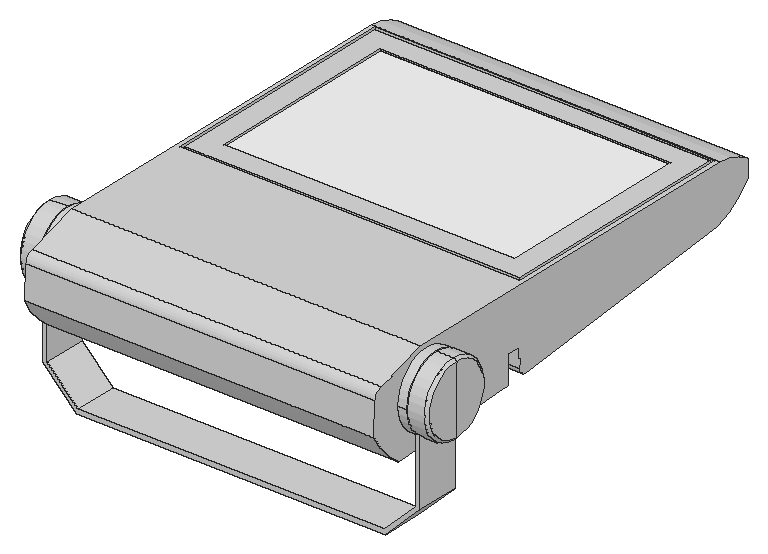
Revit family "0049106 Feilo Sylvania Lighting Fixture SYLVEO LED 8000LM NAR 4K", category Lighting Fixtures, host Face, Revit 2017
Family settings
  Host = Face
  Round Connector Dimension = Use Diameter
  Part Type = Normal
  Cut with Voids When Loaded = No
  Light Source = No
  Shared = No
  Room Calculation Point = No
Parameters (values of type "0049106 SYLVEO LED 8000LM NAR 4K")
  Weight = "9.01 kg"
  Wattage Comments = "n/a"
  WarrantyStartDate [instance] = "n/a"
  WarrantyGuarantorParts = "n/a"
  WarrantyDurationUnit = "n/a"
  WarrantyDurationParts = "n/a"
  WarrantyDescription = "n/a"
  Voltage = 230 V
  URL = "http://www.sylvania-lighting.com"
  TypeName = "SYLVEO LED 8000LM NAR 4K"
  TypeBody_FEILO = Sylveo Medium Body : 0049106 SYLVEO LED 8000LM NAR 4K
  Type Image = <None>
  Type Comments = "n/a"
  TotalWidth = 290 mm
  TiltAngle [instance] = 0.00°
  StartAngle [instance] = -TiltAngle  # 0.00°
  SerialNumber [instance] = "n/a"
  PowerFactor = 0
  PowerConsumption = "80.1 W"
  NominalWidth = 0 mm
  NominalLength = 290 mm
  NominalHeight = 333 mm
  Name = "SYLVEO LED 8000LM NAR 4K"
  ModelReference = "SYLVEO LED 8000LM NAR 4K"
  ModelNumber = "0049106"
  Model = "SYLVEO LED 8000LM NAR 4K"
  Material_4_FEILO = none
  Material_3_FEILO = none
  Material_2_FEILO = Diffuser-Sylvania-Sylveo-Glow
  Material_1_FEILO = Body-Sylvania-Sylveo-Aluminium
  Material = "aluminium housing, glass diffuser"
  ManufacturerName = "Feilo Sylvania"
  Manufacturer = "Feilo Sylvania"
  LuminousEfficacy = "106.8 lm/W"
  LuminaireType = ""
  LightOutputRatio = "100"
  LampsType = Lamp  # "LED"
  LampNominalLuminous = "8555 lm"
  LampMacAdamStep = "6"
  LampColourTemperature = "4000 K"
  LampColourRenderingIndex = "70"
  Lamp = "LED"
  Keynote = "16500"
  InstallationDate [instance] = "n/a"
  InputVoltage = "100-240V~"
  InputNominalFrequency = "50 Hz"
  IngressProtection = "IP66"
  ImpactProtectionIndex = "IK08"
  IfcExportType = "IfcLightFixtureType"
  IfcExportAs = "IfcLightFixtureType"
  HingeHeight = 90 mm
  HingeDia = 52 mm
  ExpectedLife = 50000
  EndAngle [instance] = StartAngle + 180.00°  # 180.00°
  ElectricShockClassification = "Class I"
  DurationUnit = "hours"
  DocumentationLiterature = "http://www.sylvania-lighting.com/product/en-int/products/0049106"
  DimmingControlOptions = "Non dimmable"
  Description = "Exterior LED Floodlight, comes complete with a 1000mm cable and adjustable bracket, aluminium housing, clear glass diffuser, IP66, IK08, Class I, 4000K, Non-dimming, 8555lm, 80W, 107lm/W, 2400mA, CRI70, 30° beam angle, 50000hrs, (LxWxD) 66x290x333mm"
  Default Elevation = 1219.2 mm
  CreatedOn = "12/18/2017"
  CreatedBy = ""
  Cost = 0
  built-in parameter 1114216 [instance] = (empty or 0)
  ClassificationValue = "EF_70_80"
  ClassificationName = "Uniclass2015"
  Calculate Coefficient of Utilization = no
  BracketWidth = 37 mm
  BracketThickness = 3 mm
  BracketInnerWidth = 261.3 mm
  BracketFold = 25 mm
  BracketExtrusionStart = -BracketWidth / 2  # -18.5 mm
  BracketExtrusionEnd = BracketWidth / 2  # 18.5 mm
  BarCode [instance] = "n/a"
  AssetType = "Fixed"
  AssetIdentifier [instance] = "n/a"
  Assembly Code = "D5020200"
  Apparent Load = 80.1 VA
Reference planes
  plane 1 "Center (Front/Back)": y = 0
  plane 2: z = 0
  plane 3 "Center (Left/Right)": x = 0
  plane 4: x = 130.65
  plane 5: x = -130.65
  plane 6: z = 90
  plane 7: x = 145
  plane 8: x = -145
  plane 9: z = 116
  plane 10: z = 64
  plane 11: x = 143
  plane 12: x = -143
  plane 13: x = 133.65
  plane 14: x = -133.65
  plane 15: z = 3
  plane 16: z = 25
  plane 17: x = 108.65
  plane 18: x = -108.65
  plane 19: z = 66
Forms (mm)
  Extrusion 1, solid, material "Body-Sylvania-Sylveo-Aluminium" <- "Material_1_FEILO"
    sketch origin (0, 0, 0) x (1, 0, 0) y (0, 0, 1)
      loop
        line (0, 3) -> (0, 0) -> (109.478, 0) -> (133.65, 24.172) -> (133.65, 90) -> (130.65, 90) -> (130.65, 25) -> (108.65, 3) -> (0, 3)
    from -12.5 to 18.5 <- "BracketExtrusionEnd"
  Extrusion 2, solid, material "Body-Sylvania-Sylveo-Aluminium" <- "Material_1_FEILO"
    sketch origin (0, 0, 0) x (-1, 0, 0) y (0, 0, -1)
      loop
        line (0, -3) -> (108.65, -3) -> (130.65, -25) -> (130.65, -90) -> (133.65, -90) -> (133.65, -24.172) -> (109.478, 0) -> (0, 0) -> (0, -3)
    from -12.5 to 18.5 <- "BracketExtrusionEnd"
  Revolve 3, solid, material "Body-Sylvania-Sylveo-Aluminium" <- "Material_1_FEILO"
    sketch origin (0, 0, 0) x (1, 0, 0) y (0, 0, 1)
      loop
        line (-130.65, 90) -> (-145, 90) -> (-145, 66) -> (-143, 64) -> (-130.65, 64) -> (-130.65, 90)
      axis (-130.65, 90) -> (-145, 90)
    angle from 0 to 360
  Revolve 4, solid, material "Body-Sylvania-Sylveo-Aluminium" <- "Material_1_FEILO"
    sketch origin (0, 0, 0) x (-1, 0, 0) y (0, 0, 1)
      loop
        line (-130.65, 90) -> (-145, 90) -> (-145, 66) -> (-143, 64) -> (-130.65, 64) -> (-130.65, 90)
      axis (-130.65, 90) -> (-145, 90)
    angle from 0 to 360
  Revolve 5, solid, not visible
    sketch origin (181.107, 0, 90) x (1, 0, 0) y (0, 1, 0)
      loop
        line (-191.101, 0) -> (-171.112, 0) -> (-171.112, 10) -> (-191.101, 10) -> (-191.101, 0)
      axis (-171.112, 0) -> (-191.101, 0)
    angle from 0 <- "StartAngle" to 180 <- "EndAngle"
Cuts and joins
  joined: Extrusion 1, Extrusion 2, Revolve 3, Revolve 4
Dimensions and locks
  equal spacing: plane 5, plane 3 "Center (Left/Right)", plane 4
  "BracketInnerWidth": plane 5 to plane 4
  equal spacing: plane 7, plane 3 "Center (Left/Right)", plane 8
  "TotalWidth": plane 7 to plane 8
  "HingeHeight": plane 2 to plane 6
  equal spacing: plane 10, plane 6, plane 9
  "HingeDia": plane 10 to plane 9
  equal spacing: plane 11, plane 3 "Center (Left/Right)", plane 12
  equal spacing: plane 13, plane 3 "Center (Left/Right)", plane 14
  "BracketFold": plane 2 to plane 16
  "BracketThickness": plane 2 to plane 15
  equal spacing: plane 17, plane 3 "Center (Left/Right)", plane 18
  locked: plane 19 to plane 10 at 2
  locked: Revolve 5 sketch curve to Revolve 5 sketch curve at 10
  equal spacing: Revolve 5 sketch curve, plane 3 "Center (Left/Right)", Revolve 5 sketch curve
  locked: Revolve 5 sketch curve to Revolve 5 sketch curve at 19.988
  locked: plane 7 to plane 11 at 2
  "BracketFold": plane 13 to plane 17
  "BracketThickness": plane 4 to plane 13
  aligned and locked: plane 2 to host face
  aligned and locked: level to host face
  aligned and locked: Revolve 3 sketch curve to plane 10
  aligned and locked: Revolve 3 sketch curve to plane 8
  aligned and locked: plane 5 to Revolve 3 sketch curve
  aligned and locked: Revolve 3 sketch curve to plane 6  (x2)
  aligned and locked: Revolve 5 sketch curve to plane 1 "Center (Front/Back)"
  aligned and locked: plane 3 "Center (Left/Right)" to nested 1
Automatic sketch dimensions
  host sketch curve to host sketch curve = 2438.4 mm  (x2)
  Extrusion 1 sketch curve to plane 3 "Center (Left/Right)" = 0 mm  (x2)
  Extrusion 1 sketch curve to level = 0 mm  (x2)
  Extrusion 1 sketch curve to plane 15 = 0 mm
  Extrusion 1 sketch curve to plane 17 = 0 mm
  plane 4 to Extrusion 1 sketch curve = 0 mm
  Extrusion 1 sketch curve to plane 13 = 0 mm  (x2)
  Extrusion 1 sketch curve to plane 6 = 0 mm  (x2)
  Extrusion 1 sketch curve to plane 16 = 0 mm
  plane 17 to Extrusion 1 sketch curve = 0.828 mm
  Extrusion 1 sketch curve to plane 16 = 0.828 mm
  Extrusion 2 sketch curve to plane 3 "Center (Left/Right)" = 0 mm  (x2)
  Extrusion 2 sketch curve to level = 0 mm  (x2)
  Extrusion 2 sketch curve to plane 15 = 0 mm
  plane 18 to Extrusion 2 sketch curve = 0 mm
  plane 5 to Extrusion 2 sketch curve = 0 mm
  plane 14 to Extrusion 2 sketch curve = 0 mm  (x2)
  Extrusion 2 sketch curve to plane 6 = 0 mm  (x2)
  Extrusion 2 sketch curve to plane 16 = 0 mm
  Extrusion 2 sketch curve to plane 18 = 0.828 mm
  plane 16 to Extrusion 2 sketch curve = 0.828 mm
  plane 12 to Revolve 3 sketch curve = 0 mm
  Revolve 3 sketch curve to plane 19 = 0 mm
  plane 8 to Revolve 3 sketch curve = 77.715 mm
  plane 7 to Revolve 3 sketch curve = 78.607 mm
  Revolve 4 sketch curve to plane 6 = 0 mm  (x2)
  Revolve 4 sketch curve to plane 7 = 0 mm
  Revolve 4 sketch curve to plane 10 = 0 mm
  Revolve 4 sketch curve to plane 11 = 0 mm
  plane 4 to Revolve 4 sketch curve = 0 mm
  Revolve 4 sketch curve to plane 19 = 0 mm
  Revolve 4 sketch curve to Revolve 4 sketch curve = 77.715 mm
  Revolve 4 sketch curve to plane 8 = 78.607 mm
  plane 1 "Center (Front/Back)" to Revolve 5 sketch curve = 0 mm
  plane 8 to Revolve 5 sketch curve = 1421.5 mm
  plane 7 to Revolve 5 sketch curve = 1421.5 mm
Nested families
  nested 1: "Sylveo Medium Body" at (0, -47.297, 90), type <- "TypeBody_FEILO", type "0049106 SYLVEO LED 8000LM NAR 4K"
Connectors
  electrical at (0, 0, 0), driven by "Apparent Load", driven by "Voltage", driven by "PowerFactor"
    settings: index 1, voltage 230 V, apparent load 80.1 VA, apparent load phase1 0 VA, apparent load phase2 0 VA, apparent load phase3 0 VA, power factor 0, load classification "Lighting", number of poles 1, system type 30, power factor state 1, is connector primary yes, connector utility no, sub classification motor no, connector description ""
Definition of nested family "Sylveo Medium Body"
  Parameters (values of type "0049141 SYLVEO LED 8000LM RASYM 4K DALI ")
    Wattage = 80 W
    built-in parameter 1150110 = 1 (stored number, unit not read)
    URL = "http://www.feilosylvania.com"
    Type Comments = "n/a"
    built-in parameter 1114217 = 1 (stored number, unit not read)
    Tilt Angle = -90.00°
    built-in parameter 1150109 = 1 (stored number, unit not read)
    built-in parameter 1150134 = 12
    built-in parameter 1150113 = 1 (stored number, unit not read)
    Photometric Web File = "0049141.ies"
    Model = "SYLVEO LED 8000LM RASYM 4K DALI"
    Material_4_FEILO = none
    Material_3_FEILO = none
    Material_2_FEILO = none
    Material_1_FEILO = none
    Manufacturer = "Feilo Sylvania"
    built-in parameter 1150105 = 4415 (stored number, unit not read)
    Lumens = 8544 lm
    built-in parameter 1150115 = 1 (stored number, unit not read)
    built-in parameter 1150137 = (empty or 0)
    built-in parameter 1150139 = (empty or 0)
    built-in parameter 1150112 = 1 (stored number, unit not read)
    built-in parameter 1150114 = 1 (stored number, unit not read)
    Lamp = "LED"
    Keynote = "16500"
    built-in parameter 1150132 = (empty or 0)
    built-in parameter 1150102 = (empty or 0)
    built-in parameter 1150107 = 4000 (stored number, unit not read)
    built-in parameter 1150138 = (empty or 0)
    built-in parameter 1150106 = 44.15 (stored number, unit not read)
    Emit from Rectangle Width = 138.8 mm
    Emit from Rectangle Length = 206.3 mm
    Emit Shape Visible in Rendering = no
    built-in parameter 1150104 = 9.922 (stored number, unit not read)
    Dimming Lamp Color Temperature Shift = (empty or 0)
    Description = "Exterior LED floodlight, comes complete with a 1000mm cable and adjustable bracket, aluminium housing, clear glass diffuser, 8542lm, 80W, 106lm/W, 4000K, 2280mA, CRI70, 52°x117° beam angle, DALI dimmable, IP66, IK08, Class I, 50000hrs, (LxWxD) 66x290x333mm"
    Default Elevation = 1219.2 mm
    Cost = 0
    Color Filter = 16777215
    built-in parameter 1114218 = 1 (stored number, unit not read)
    built-in parameter 1150133 = 10 (stored number, unit not read)
    Assembly Code = "D5020200"
    Apparent Load = 80 VA
  Types (9, lengths in mm): name | Wattage | built-in parameter 1150134 | Photometric Web File | Model | built-in parameter 1150105 | Lumens | built-in parameter 1150107 | built-in parameter 1150106 | built-in parameter 1150104 | Description | Apparent Load
    0049141 SYLVEO LED 8000LM RASYM 4K DALI | 80 W | 12 | "0049141.ies" | "SYLVEO LED 8000LM RASYM 4K DALI" | 4415 (stored number, unit not read) | 8544 lm | 4000 (stored number, unit not read) | 44.15 (stored number, unit not read) | 9.922 (stored number, unit not read) | "Exterior LED floodlight, comes complete with a 1000mm cable and adjustable bracket, aluminium housing, clear glass diffuser, 8542lm, 80W, 106lm/W, 4000K, 2280mA, CRI70, 52°x117° beam angle, DALI dimmable, IP66, IK08, Class I, 50000hrs, (LxWxD) 66x290x333mm" | 80 VA
    0049140 SYLVEO LED 8000LM WIDE 4K DALI | 81 W | 12 | "0049140.ies" | "SYLVEO LED 8000LM WIDE 4K DALI" | 10450.4 (stored number, unit not read) | 8537.4 lm | 4000 (stored number, unit not read) | 104.5 (stored number, unit not read) | 9.792 (stored number, unit not read) | "Exterior LED floodlight, comes complete with a 1000mm cable and adjustable bracket, aluminium housing, clear glass diffuser, 8541lm, 81W, 105lm/W, 4000K, 2280mA, CRI70, 52° beam angle, DALI dimmable, IP66, IK08, Class I, 50000hrs, (LxWxD) 66x290x333mm" | 81 VA
    0049139 SYLVEO LED 8000LM NAR 4K DALI | 81 W | 12 | "0049139.ies" | "SYLVEO LED 8000LM NAR 4K DALI" | 20285.7 (stored number, unit not read) | 8723.7 lm | 4000 (stored number, unit not read) | 202.86 (stored number, unit not read) | 10.006 (stored number, unit not read) | "Exterior LED floodlight, comes complete with a 1000mm cable and adjustable bracket, aluminium housing, clear glass diffuser, 8721lm, 81, 107lm/W, 4000K, 2280mA, CRI70, 30° beam angle, DALI dimmable, IP66, IK08, Class I, 50000hrs, (LxWxD) 66x290x333mm" | 81 VA
    0049111 SYLVEO LED 8000LM RASYM 3K | 81.5 W | (empty or 0) | "0049111.ies" | "SYLVEO LED 8000LM RASYM 3K" | 4290.9 (stored number, unit not read) | 8304.85 lm | 3000 (stored number, unit not read) | 42.909 (stored number, unit not read) | 9.4668 (stored number, unit not read) | "Exterior LED Floodlight, comes complete with a 1000mm cable and adjustable bracket, aluminium housing, clear glass diffuser, IP66, IK08, Class I, 3000K, Non-dimming, 8305lm, 82W, 102lm/W, 2400mA, CRI70, 52°x117° beam angle, 50000hrs, (LxWxD) 66x290x333mm" | 81.5 VA
    0049110 SYLVEO LED 8000LM WIDE 3K | 81.5 W | (empty or 0) | "0049110.ies" | "SYLVEO LED 8000LM WIDE 3K" | 9790.8 (stored number, unit not read) | 8353.75 lm | 3000 (stored number, unit not read) | 97.908 (stored number, unit not read) | 9.5226 (stored number, unit not read) | "Exterior LED Floodlight, comes complete with a 1000mm cable and adjustable bracket, aluminium housing, clear glass diffuser, IP66, IK08, Class I, 3000K, Non-dimming, 8354lm, 82W, 103lm/W, 2400mA, CRI70, 52° beam angle, 50000hrs, (LxWxD) 66x290x333mm" | 81.5 VA
    0049109 SYLVEO LED 8000LM NAR 3K | 80.7 W | (empty or 0) | "0049109.ies" | "SYLVEO LED 8000LM NAR 3K" | 19830.2 (stored number, unit not read) | 8336.31 lm | 3000 (stored number, unit not read) | 198.3 (stored number, unit not read) | 9.5969 (stored number, unit not read) | "Exterior LED Floodlight, comes complete with a 1000mm cable and adjustable bracket, aluminium housing, clear glass diffuser, IP66, IK08, Class I, 3000K, Non-dimming, 8336lm, 81W, 103lm/W, 2400mA, CRI70, 30° beam angle, 50000hrs, (LxWxD) 66x290x333mm" | 80.7 VA
    0049108 SYLVEO LED 8000LM RASYM 4K | 82.2 W | 12 | "0049108.ies" | "SYLVEO LED 8000LM RASYM 4K" | 4540.1 (stored number, unit not read) | 8787.18 lm | 4000 (stored number, unit not read) | 45.401 (stored number, unit not read) | 9.9313 (stored number, unit not read) | "Exterior LED Floodlight, comes complete with a 1000mm cable and adjustable bracket, aluminium housing, clear glass diffuser, IP66, IK08, Class I, 4000K, Non-dimming, 8787lm, 82W, 107lm/W, 2400mA, CRI70, 52°x117° beam angle, 50000hrs, (LxWxD) 66x290x333mm" | 82.2 VA
    0049107 SYLVEO LED 8000LM WIDE 4K | 82.2 W | 12 | "0049107.ies" | "SYLVEO LED 8000LM WIDE 4K" | 11015.4 (stored number, unit not read) | 8729.64 lm | 4000 (stored number, unit not read) | 110.15 (stored number, unit not read) | 9.8663 (stored number, unit not read) | "Exterior LED Floodlight, comes complete with a 1000mm cable and adjustable bracket, aluminium housing, clear glass diffuser, IP66, IK08, Class I, 4000K, Non-dimming, 8730lm, 82W, 106lm/W, 2400mA, CRI70, 52° beam angle, 50000hrs, (LxWxD) 66x290x333mm" | 82.2 VA
    0049106 SYLVEO LED 8000LM NAR 4K | 80.1 W | 12 | "0049106.ies" | "SYLVEO LED 8000LM NAR 4K" | 21168.1 (stored number, unit not read) | 8554.68 lm | 4000 (stored number, unit not read) | 211.68 (stored number, unit not read) | 9.922 (stored number, unit not read) | "Exterior LED Floodlight, comes complete with a 1000mm cable and adjustable bracket, aluminium housing, clear glass diffuser, IP66, IK08, Class I, 4000K, Non-dimming, 8555lm, 80W, 107lm/W, 2400mA, CRI70, 30° beam angle, 50000hrs, (LxWxD) 66x290x333mm" | 80.1 VA
  Reference planes
    plane 1 "Center (Front/Back)": y = 0
    plane 2: z = 0
    plane 3 "Center (Left/Right)": x = 0
    plane 4: y = 333
    plane 5: y = 47.297
    plane 6: y = 73.469
    plane 7: y = 21.125
    plane 8: x = -130.625
    plane 9: x = 130.625
    plane 10: y = 304.814
    plane 11: y = 135.969
    plane 12: y = 289.814
    plane 13: y = 150.969
    plane 14: x = 103.125
    plane 15: x = -103.125
    plane 16: x = -123.75
    plane 17: x = 123.75
    plane 18: x = -118.594
    plane 19: x = 118.594
    plane 20: y = 322.719
    plane 21: y = 119.719
    plane 22: z = 29.125
    plane 23: z = -36.875
    plane 24: x = -120.75
    plane 25: x = 120.75
    plane 26: y = 306.814
    plane 27: y = 133.969
    plane 28: y = 220.391
  Forms (mm)
    Extrusion 1, solid
      sketch origin (-0.8, 0, 0) x (1, 0, 0) y (0, 1, 0)
        loop
          line (-1219.2, 1219.2) -> (-1219.2, -1219.2) -> (1219.2, -1219.2) -> (1219.2, 1219.2) -> (-1219.2, 1219.2)
      from 0 to -304.8
    Extrusion 2, solid, material <- "Material_1_FEILO"
      sketch origin (0, 0, 0) x (0, 1, 0) y (0, 0, 1)
        loop
          circle (47.297, 0) r 26.026
      from 130.625 to -130.625
    Extrusion 3, solid, material <- "Material_1_FEILO"
      sketch origin (0, 0, 0) x (1, 0, 0) y (0, 1, 0)
        loop
          line (-123.75, 333) -> (-123.75, 0) -> (123.75, 0) -> (123.75, 333) -> (-123.75, 333)
      from 29.125 to -36.875
    Extrusion 4, void, detail levels medium+fine
      sketch origin (0, 0, 0) x (0, 1, 0) y (0, 0, 1)
        loop
          line (42.297, 29.125) -> (0, 29.125) -> (0, -36.875) -> (333, -36.875) -> (333, 29.125) -> (308.414, 29.125)
          arc (308.414, 29.125) -> (320.149, 26.569) -> (330.963, 21.346) r 51.141
          arc (330.963, 21.346) -> (332.019, 20.218) -> (332.403, 18.722) r 3.112
          line (332.403, 18.722) -> (332.403, 7.346)
          arc (332.403, 7.346) -> (319.575, -3.301) -> (304.814, -11.047) r 79.724
          line (304.814, -11.047) -> (135.202, -28.874)
          arc (135.202, -28.874) -> (131.465, -27.731) -> (129.692, -24.25) r 5
          line (129.692, -24.25) -> (128.705, -10.138) -> (119.719, -10.138) -> (119.719, -28.285)
          arc (119.719, -28.285) -> (119.184, -29.635) -> (117.869, -30.252) r 1.971
          line (117.869, -30.252) -> (22.334, -36.171)
          arc (22.334, -36.171) -> (9.868, -24.998) -> (0.544, -11.095) r 67.339
          line (0.544, -11.095) -> (1.881, 11.454)
          arc (1.881, 11.454) -> (3.538, 15.816) -> (7.388, 18.452) r 7.801
          line (7.388, 18.452) -> (42.297, 29.125)
      from 123.75 to -123.75
    Extrusion 5, void
      sketch origin (0, -66.866, 29.125) x (1, 0, 0) y (0, -1, 0)
        loop
          line (-120.75, -373.679) -> (120.75, -373.679) -> (120.75, -200.834) -> (-120.75, -200.834) -> (-120.75, -373.679)
      from 0 to 4
    Extrusion 6, solid, material <- "Material_1_FEILO"
      sketch origin (0, -66.866, 29.125) x (0, -1, 0) y (1, 0, 0)
        loop
          line (-371.679, -118.594) -> (-202.834, -118.594) -> (-202.834, 118.594) -> (-371.679, 118.594) -> (-371.679, -118.594)
        loop
          line (-356.679, -103.125) -> (-217.834, -103.125) -> (-217.834, 103.125) -> (-356.679, 103.125) -> (-356.679, -103.125)
      from 0 to -4
    Extrusion 7, solid, material <- "Material_1_FEILO"
      sketch origin (0, -66.866, 29.125) x (0, -1, 0) y (1, 0, 0)
        loop
          line (-356.679, -103.125) -> (-217.834, -103.125) -> (-217.834, 103.125) -> (-356.679, 103.125) -> (-356.679, -103.125)
      from -3 to -4
    Extrusion 8, solid, material <- "Material_2_FEILO"
      sketch origin (0, -66.866, 29.125) x (0, -1, 0) y (1, 0, 0)
        loop
          line (-217.834, -103.125) -> (-217.834, 103.125) -> (-356.679, 103.125) -> (-356.679, -103.125) -> (-217.834, -103.125)
      from -1 to -2
  Cuts and joins
    Extrusion 4, Extrusion 5 cuts Extrusion 2
    Extrusion 4, Extrusion 5 cuts Extrusion 3
    joined: Extrusion 2, Extrusion 3
    joined: Extrusion 6, Extrusion 7
  Dimensions and locks
    equal spacing: plane 6, plane 5, plane 7
    locked: plane 5 to plane 1 "Center (Front/Back)" at 47.297
    equal spacing: plane 8, plane 3 "Center (Left/Right)", plane 9
    locked: plane 8 to plane 9 at 261.25
    equal spacing: plane 16, plane 3 "Center (Left/Right)", plane 17
    equal spacing: plane 18, plane 3 "Center (Left/Right)", plane 19
    locked: plane 20 to plane 21 at 203
    locked: plane 16 to plane 17 at 247.5
    locked: plane 23 to plane 22 at 66
    locked: plane 22 to plane 2 at 29.125
    locked: plane 18 to plane 19 at 237.187
    locked: plane 15 to plane 14 at 206.25
    locked: plane 1 "Center (Front/Back)" to plane 4 at 333
    locked: plane 4 to plane 20 at 10.281
    locked: plane 10 to plane 11 at 168.845
    locked: plane 1 "Center (Front/Back)" to plane 11 at 135.969
    locked: plane 12 to plane 13 at 138.845
    locked: plane 1 "Center (Front/Back)" to plane 13 at 150.969
    locked: plane 16 to plane 24 at 3
    equal spacing: plane 24, plane 3 "Center (Left/Right)", plane 25
    locked: plane 26 to plane 10 at 2
    locked: plane 11 to plane 27 at 2
    equal spacing: plane 12, plane 28, plane 13, locked at 69.422 each
    aligned and locked: plane 2 to Extrusion 1
    aligned and locked: level to Extrusion 1
    aligned and locked: Extrusion 2 to plane 9
    aligned and locked: plane 8 to Extrusion 2
    aligned and locked: plane 4 to Extrusion 3 sketch curve
    aligned and locked: plane 16 to Extrusion 3 sketch curve
    aligned and locked: Extrusion 3 sketch curve to plane 1 "Center (Front/Back)"
    aligned and locked: plane 17 to Extrusion 3 sketch curve
    aligned and locked: plane 22 to Extrusion 3
    aligned and locked: plane 23 to Extrusion 3
    aligned and locked: Extrusion 4 to plane 16
    aligned and locked: Extrusion 4 to plane 17
    aligned and locked: Extrusion 5 sketch curve to plane 26
    aligned and locked: plane 24 to Extrusion 5 sketch curve
    aligned and locked: plane 27 to Extrusion 5 sketch curve
    aligned and locked: plane 25 to Extrusion 5 sketch curve
    aligned and locked: Extrusion 6 sketch curve to plane 10
    aligned and locked: plane 18 to Extrusion 6 sketch curve
    aligned and locked: plane 11 to Extrusion 6 sketch curve
    aligned and locked: plane 19 to Extrusion 6 sketch curve
    aligned and locked: Extrusion 6 sketch curve to plane 12
    aligned and locked: Extrusion 6 sketch curve to plane 15
    aligned and locked: plane 13 to Extrusion 6 sketch curve
    aligned and locked: Extrusion 6 sketch curve to plane 14
    aligned and locked: Extrusion 7 sketch curve to Extrusion 6  (x4)
    aligned and locked: cut or joined group of Extrusion 2, Extrusion 3, Extrusion 4, Extrusion 5 to Extrusion 7
    aligned and locked: Extrusion 8 sketch curve to Extrusion 6  (x4)
    aligned and locked: imposter light to plane 3 "Center (Left/Right)"
    aligned and locked: imposter light to plane 22
  Automatic sketch dimensions
    Extrusion 1 sketch curve to Extrusion 1 sketch curve = 2438.4 mm  (x2)
    Extrusion 2 sketch curve to level = 0 mm
    Extrusion 2 sketch curve to plane 5 = 0 mm
    Extrusion 4 sketch curve to plane 1 "Center (Front/Back)" = 0 mm
    Extrusion 4 sketch curve to plane 22 = 0 mm  (x2)
    Extrusion 4 sketch curve to plane 21 = 0 mm
    Extrusion 4 sketch curve to plane 10 = 0 mm
    Extrusion 4 sketch curve to plane 4 = 0 mm
    plane 23 to Extrusion 4 sketch curve = 0 mm
    Extrusion 4 sketch curve to plane 1 "Center (Front/Back)" = 0.544 mm
    Extrusion 4 sketch curve to plane 1 "Center (Front/Back)" = 1.881 mm
    Extrusion 4 sketch curve to plane 1 "Center (Front/Back)" = 7.388 mm
    Extrusion 4 sketch curve to Extrusion 4 sketch curve = 2.281 mm
    plane 7 to Extrusion 4 sketch curve = 1.209 mm
    Extrusion 4 sketch curve to plane 5 = 5 mm
    Extrusion 4 sketch curve to plane 6 = 12.772 mm
    Extrusion 4 sketch curve to plane 21 = 1.971 mm
    Extrusion 4 sketch curve to plane 21 = 1.849 mm
    Extrusion 4 sketch curve to plane 11 = 7.264 mm
    Extrusion 4 sketch curve to plane 11 = 6.277 mm
    Extrusion 4 sketch curve to plane 11 = 1.289 mm
    Extrusion 4 sketch curve to plane 11 = 0.767 mm
    Extrusion 4 sketch curve to plane 12 = 14.463 mm
    Extrusion 4 sketch curve to plane 10 = 1.343 mm
    plane 4 to Extrusion 4 sketch curve = 3.71 mm
    plane 4 to Extrusion 4 sketch curve = 0.597 mm
    Extrusion 4 sketch curve to plane 23 = 0.704 mm
    Extrusion 4 sketch curve to plane 23 = 6.623 mm
    Extrusion 4 sketch curve to plane 23 = 8.001 mm
    Extrusion 4 sketch curve to Extrusion 4 sketch curve = 4.624 mm
    Extrusion 4 sketch curve to plane 23 = 15.098 mm
    Extrusion 4 sketch curve to level = 11.095 mm
    Extrusion 4 sketch curve to Extrusion 4 sketch curve = 10.73 mm
    Extrusion 4 sketch curve to level = 10.138 mm
    level to Extrusion 4 sketch curve = 7.346 mm
    level to Extrusion 4 sketch curve = 10.992 mm
    Extrusion 4 sketch curve to Extrusion 4 sketch curve = 0.462 mm
    Extrusion 4 sketch curve to plane 22 = 10.403 mm
    plane 10 to Extrusion 4 sketch curve = 3.6 mm
    radius of Extrusion 2 sketch curve = 26.026 mm
